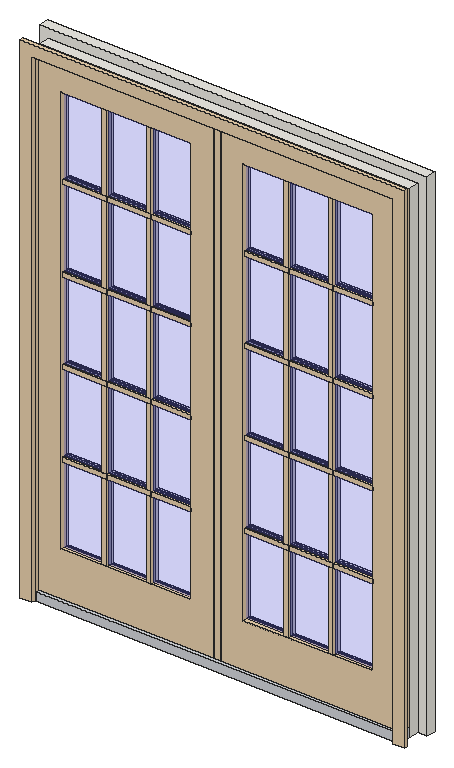
Revit family "Door-Inswing-Andersen-A_Series-Double 2", category Doors, host Wall, Revit 2013 (continued)
Dimensions and locks (in)
  aligned and locked: plane 4 "L Frame" to Masking region 4 sketch curve
  aligned and locked: plane 24 "L Casing 1" to Masking region 4 sketch curve
  aligned and locked: plane 11 "Casing S2" to Masking region 4 sketch curve
  aligned and locked: plane 22 "L Casing 3" to Masking region 4 sketch curve
  aligned and locked: Masking region 5 sketch curve to plane 12 "Casing S1"
  aligned and locked: Masking region 5 sketch curve to plane 18 "R Casing 4"
  aligned and locked: plane 10 "Flange" to Masking region 5 sketch curve
  aligned and locked: plane 3 "R Frame" to Masking region 5 sketch curve
  aligned and locked: Masking region 6 sketch curve to plane 12 "Casing S1"
  aligned and locked: Masking region 6 sketch curve to plane 4 "L Frame"
  aligned and locked: plane 10 "Flange" to Masking region 6 sketch curve
  aligned and locked: plane 21 "L Casing 4" to Masking region 6 sketch curve
  aligned and locked: curve 4 to plane 5 "T Frame"
  aligned and locked: level to Extrusion 5 sketch curve  (x2)
  aligned and locked: Extrusion 5 sketch curve to plane 32 "R Int Casing"
  aligned and locked: plane 38 "T Int Casing" to Extrusion 5 sketch curve
  aligned and locked: plane 35 "L Int Casing" to Extrusion 5 sketch curve
  aligned and locked: Extrusion 5 to host wall
  aligned and locked: Extrusion 5 to plane 8 "Interior Casing"
  aligned and locked: level to Extrusion 6 sketch curve  (x2)
  aligned and locked: Extrusion 6 sketch curve to plane 33 "R Xjamb 2"
  aligned and locked: plane 39 "T Xjamb 2" to Extrusion 6 sketch curve
  aligned and locked: plane 36 "L Xjamb 2" to Extrusion 6 sketch curve
  aligned and locked: plane 51 "Xjamb S1" to Extrusion 6
  aligned and locked: host wall to Extrusion 6
  aligned and locked: plane 10 "Flange" to Masking region 3 sketch curve
  aligned and locked: Masking region 4 sketch curve to plane 10 "Flange"
  aligned and locked: Masking region 7 sketch curve to plane 18 "R Casing 4"
  aligned and locked: plane 21 "L Casing 4" to Masking region 7 sketch curve
  aligned and locked: level to Masking region 7 sketch curve  (x2)
  aligned and locked: level to Masking region 8 sketch curve  (x2)
  aligned and locked: plane 35 "L Int Casing" to Masking region 8 sketch curve
  aligned and locked: Masking region 8 sketch curve to plane 32 "R Int Casing"
  aligned and locked: plane 38 "T Int Casing" to Masking region 8 sketch curve
  aligned and locked: plane 30 "T Casing 4" to Masking region 7 sketch curve
  aligned and locked: level to Masking region 9 sketch curve
  aligned and locked: Masking region 9 sketch curve to plane 3 "R Frame"
  aligned and locked: plane 5 "T Frame" to Masking region 9 sketch curve
  aligned and locked: plane 4 "L Frame" to Masking region 9 sketch curve
  aligned and locked: plane 4 "L Frame" to curve 5
  aligned and locked: plane 5 "T Frame" to curve 6
  aligned and locked: plane 10 "Flange" to curve 6
  aligned and locked: curve 7 to plane 58 "Glass1 S3"
  aligned and locked: curve 8 to plane 59 "Glass1 S2"
  aligned and locked: plane 45 "B Glazing" to curve 8
  aligned and locked: plane 45 "B Glazing" to curve 7
  aligned and locked: plane 46 "T Glazing" to curve 7
  aligned and locked: plane 46 "T Glazing" to curve 8
  aligned and locked: plane 46 "T Glazing" to curve 9
  aligned and locked: plane 46 "T Glazing" to curve 10
  aligned and locked: plane 45 "B Glazing" to curve 9
  aligned and locked: plane 45 "B Glazing" to curve 10
  aligned and locked: curve 9 to plane 60 "Glass1 S4"
  aligned and locked: curve 10 to plane 57 "Glass1 S1"
  aligned and locked: plane 59 "Glass1 S2" to curve 11
  aligned and locked: plane 47 "Left L Glazing" to curve 11
  aligned and locked: plane 58 "Glass1 S3" to curve 12
  aligned and locked: plane 57 "Glass1 S1" to curve 13
  aligned and locked: plane 48 "Left R Glazing" to curve 13
  aligned and locked: plane 60 "Glass1 S4" to curve 14
  aligned and locked: plane 47 "Left L Glazing" to curve 13
  aligned and locked: Masking region 10 sketch curve to plane 42 "Left R Panel"
  aligned and locked: Masking region 10 sketch curve to plane 44 "B Panel"
  aligned and locked: plane 41 "Left L Panel" to Masking region 10 sketch curve
  aligned and locked: plane 43 "T Panel" to Masking region 10 sketch curve
  aligned and locked: curve 18 to plane 48 "Left R Glazing"
  aligned and locked: curve 17 to plane 45 "B Glazing"
  aligned and locked: plane 46 "T Glazing" to curve 15
  aligned and locked: plane 47 "Left L Glazing" to curve 16
  aligned and locked: plane 62 "L Xjamb 1" to Extrusion 6 sketch curve
  aligned and locked: Extrusion 6 sketch curve to plane 63 "R Xjamb S1"
  aligned and locked: plane 64 "T Xjamb S1" to Extrusion 6 sketch curve
  aligned and locked: Extrusion 5 sketch curve to plane 63 "R Xjamb S1"
  aligned and locked: plane 64 "T Xjamb S1" to Extrusion 5 sketch curve
  aligned and locked: plane 62 "L Xjamb 1" to Extrusion 5 sketch curve
  aligned and locked: Masking region 11 sketch curve to plane 32 "R Int Casing"
  aligned and locked: host wall to Masking region 11 sketch curve
  aligned and locked: plane 63 "R Xjamb S1" to Masking region 11 sketch curve
  aligned and locked: plane 8 "Interior Casing" to Masking region 11 sketch curve
  aligned and locked: Masking region 12 sketch curve to plane 51 "Xjamb S1"
  aligned and locked: plane 63 "R Xjamb S1" to Masking region 12 sketch curve
  aligned and locked: Masking region 12 sketch curve to host wall
  aligned and locked: Masking region 12 sketch curve to plane 33 "R Xjamb 2"
  aligned and locked: host wall to Masking region 13 sketch curve
  aligned and locked: plane 35 "L Int Casing" to Masking region 13 sketch curve
  aligned and locked: plane 8 "Interior Casing" to Masking region 13 sketch curve
  aligned and locked: Masking region 13 sketch curve to plane 62 "L Xjamb 1"
  aligned and locked: Masking region 14 sketch curve to plane 51 "Xjamb S1"
  aligned and locked: plane 36 "L Xjamb 2" to Masking region 14 sketch curve
  aligned and locked: Masking region 14 sketch curve to host wall
  aligned and locked: Masking region 14 sketch curve to plane 62 "L Xjamb 1"
  aligned and locked: Masking region 15 sketch curve to plane 51 "Xjamb S1"
  aligned and locked: plane 39 "T Xjamb 2" to Masking region 15 sketch curve
  aligned and locked: Masking region 15 sketch curve to host wall
  aligned and locked: level to Masking region 15 sketch curve
  aligned and locked: host wall to Masking region 16 sketch curve
  aligned and locked: plane 38 "T Int Casing" to Masking region 16 sketch curve
  aligned and locked: plane 8 "Interior Casing" to Masking region 16 sketch curve
  aligned and locked: level to Masking region 16 sketch curve
  aligned and locked: plane 51 "Xjamb S1" to curve 19
  aligned and locked: plane 8 "Interior Casing" to curve 20
  aligned and locked: host wall to curve 20
  aligned and locked: plane 64 "T Xjamb S1" to curve 19
  aligned and locked: plane 64 "T Xjamb S1" to curve 20
  aligned and locked: plane 10 "Flange" to curve 5
  aligned and locked: plane 4 "L Frame" to Masking region 7 sketch curve
  aligned and locked: plane 5 "T Frame" to Masking region 7 sketch curve
  aligned and locked: Masking region 7 sketch curve to plane 3 "R Frame"
  aligned and locked: plane 2 "Center (Left/Right)" to Sweep 7 sketch curve
  aligned and locked: plane 61 "Vert Bar length" to Sweep 7 sketch curve
  aligned and locked: level to Sweep 7 sketch curve
  aligned and locked: plane 5 "T Frame" to curve 21
  aligned and locked: plane 10 "Flange" to curve 21
  aligned and locked: plane 3 "R Frame" to curve 35
  aligned and locked: curve 35 to plane 10 "Flange"
  aligned and locked: plane 4 "L Frame" to curve 43
  aligned and locked: plane 10 "Flange" to curve 43
  aligned and locked: Masking region 17 sketch curve to plane 52 "Frame S1"
  aligned and locked: Masking region 17 sketch curve to plane 3 "R Frame"
  aligned and locked: plane 9 "Frame S2" to Masking region 17 sketch curve
  aligned and locked: plane 4 "L Frame" to Masking region 17 sketch curve
  aligned and locked: plane 54 "R Stop" to curve 49
  aligned and locked: plane 9 "Frame S2" to curve 50
  aligned and locked: plane 65 "R Int Frame" to curve 50
  aligned and locked: plane 53 "L Stop" to curve 54
  aligned and locked: plane 9 "Frame S2" to curve 55
  aligned and locked: level to curve 59
  aligned and locked: level to curve 57
  aligned and locked: plane 4 "L Frame" to curve 57
  aligned and locked: plane 5 "T Frame" to curve 58
  aligned and locked: curve 59 to plane 3 "R Frame"
  aligned and locked: plane 46 "T Glazing" to Extrusion 10 sketch curve
  aligned and locked: Extrusion 10 sketch curve to plane 48 "Left R Glazing"
  aligned and locked: plane 47 "Left L Glazing" to Extrusion 10 sketch curve
  aligned and locked: Extrusion 10 sketch curve to plane 45 "B Glazing"
  aligned and locked: plane 41 "Left L Panel" to Extrusion 10 sketch curve
  aligned and locked: plane 43 "T Panel" to Extrusion 10 sketch curve
  aligned and locked: Extrusion 10 sketch curve to plane 42 "Left R Panel"
  aligned and locked: Extrusion 10 sketch curve to plane 44 "B Panel"
  aligned and locked: plane 49 "Panel1 S1" to Extrusion 10
  aligned and locked: Extrusion 10 to plane 57 "Glass1 S1"
  aligned and locked: plane 47 "Left L Glazing" to Extrusion 11 sketch curve
  aligned and locked: plane 46 "T Glazing" to Extrusion 11 sketch curve
  aligned and locked: Extrusion 11 sketch curve to plane 48 "Left R Glazing"
  aligned and locked: plane 41 "Left L Panel" to Extrusion 11 sketch curve
  aligned and locked: plane 43 "T Panel" to Extrusion 11 sketch curve
  aligned and locked: Extrusion 11 sketch curve to plane 42 "Left R Panel"
  aligned and locked: Extrusion 11 sketch curve to plane 44 "B Panel"
  aligned and locked: plane 57 "Glass1 S1" to Extrusion 11
  aligned and locked: Extrusion 11 to plane 50 "Panel1 S2"
  aligned and locked: plane 46 "T Glazing" to Extrusion 12 sketch curve
  aligned and locked: plane 47 "Left L Glazing" to Extrusion 12 sketch curve
  aligned and locked: Extrusion 12 sketch curve to plane 48 "Left R Glazing"
  aligned and locked: Extrusion 12 to plane 60 "Glass1 S4"
  aligned and locked: plane 57 "Glass1 S1" to Extrusion 12
  aligned and locked: Extrusion 13 to plane 4 "L Frame"
  aligned and locked: plane 3 "R Frame" to Extrusion 13
  aligned and locked: plane 70 "B Ext Frame" to Extrusion 14 sketch curve
  aligned and locked: Extrusion 14 sketch curve to plane 72 "Sill S1"
  aligned and locked: level to Extrusion 14 sketch curve
  aligned and locked: Extrusion 14 to plane 4 "L Frame"
  aligned and locked: plane 3 "R Frame" to Extrusion 14
  aligned and locked: Extrusion 15 sketch curve to level
  aligned and locked: Extrusion 15 sketch curve to plane 9 "Frame S2"
  aligned and locked: Extrusion 15 sketch curve to plane 56 "Sill Height"
  aligned and locked: Extrusion 15 to plane 4 "L Frame"
  aligned and locked: plane 3 "R Frame" to Extrusion 15
  aligned and locked: Sweep 7 sketch curve to plane 52 "Frame S1"
  aligned and locked: plane 4 "L Frame" to Sweep 7 sketch curve
  aligned and locked: Sweep 7 sketch curve to plane 37 "L Ext Frame"
  aligned and locked: plane 52 "Frame S1" to Sweep 7 sketch curve
  aligned and locked: Sweep 7 sketch curve to plane 34 "R Ext Frame"
  aligned and locked: plane 3 "R Frame" to Sweep 7 sketch curve
  aligned and locked: curve 67 to plane 50 "Panel1 S2"
  aligned and locked: curve 66 to plane 49 "Panel1 S1"
  aligned and locked: plane 52 "Frame S1" to curve 68
  aligned and locked: plane 9 "Frame S2" to curve 68
  aligned and locked: plane 52 "Frame S1" to curve 69
  aligned and locked: plane 9 "Frame S2" to curve 69
  aligned and locked: plane 71 "B Stop" to curve 70
  aligned and locked: plane 55 "T Stop" to curve 70
  aligned and locked: plane 49 "Panel1 S1" to curve 70
  aligned and locked: plane 50 "Panel1 S2" to curve 71
  aligned and locked: plane 72 "Sill S1" to Masking region 2 sketch curve
  aligned and locked: Masking region 2 sketch curve to plane 70 "B Ext Frame"
  aligned and locked: plane 63 "R Xjamb S1" to Masking region 8 sketch curve
  aligned and locked: Masking region 8 sketch curve to plane 64 "T Xjamb S1"
  aligned and locked: Masking region 8 sketch curve to plane 62 "L Xjamb 1"
  aligned and locked: plane 55 "T Stop" to Extrusion 16 sketch curve
  aligned and locked: Extrusion 16 sketch curve to plane 54 "R Stop"
  aligned and locked: plane 53 "L Stop" to Extrusion 16 sketch curve
  aligned and locked: Extrusion 16 sketch curve to plane 3 "R Frame"
  aligned and locked: plane 5 "T Frame" to Extrusion 16 sketch curve
  aligned and locked: plane 4 "L Frame" to Extrusion 16 sketch curve
  aligned and locked: Extrusion 16 to plane 49 "Panel1 S1"
  aligned and locked: plane 52 "Frame S1" to Extrusion 16
  aligned and locked: plane 73 "Handing" to curve 72
  aligned and locked: plane 41 "Left L Panel" to curve 72
  aligned and locked: plane 42 "Left R Panel" to curve 72
  aligned and locked: plane 43 "T Panel" to curve 72
  aligned and locked: plane 42 "Left R Panel" to curve 73
  aligned and locked: plane 44 "B Panel" to curve 73
  aligned and locked: nested 1 to plane 46 "T Glazing"
  aligned and locked: nested 2 to plane 46 "T Glazing"
  aligned and locked: nested 5 to plane 47 "Left L Glazing"
  aligned and locked: nested 6 to plane 47 "Left L Glazing"
  aligned and locked: nested 3 to plane 47 "Left L Glazing"
  aligned and locked: nested 4 to plane 47 "Left L Glazing"
  aligned and locked: plane 65 "R Int Frame" to curve 67
  aligned and locked: plane 74 "R Ext Frame 2" to curve 47
  aligned and locked: plane 76 "L Ext Frame 2" to curve 52
  aligned and locked: plane 65 "R Int Frame" to curve 68
  aligned and locked: plane 66 "L Int Frame" to curve 69
  aligned and locked: plane 50 "Panel1 S2" to curve 77
  aligned and locked: plane 41 "Left L Panel" to curve 77
  aligned and locked: plane 57 "Glass1 S1" to Extrusion 15 sketch curve
  aligned and locked: Extrusion 16 sketch curve to plane 44 "B Panel"  (x2)
  aligned and locked: plane 52 "Frame S1" to Extrusion 13 sketch curve
  aligned and locked: Extrusion 13 sketch curve to plane 44 "B Panel"
  aligned and locked: Extrusion 13 sketch curve to level
  aligned and locked: Extrusion 13 sketch curve to plane 57 "Glass1 S1"
  aligned and locked: Sweep 7 sketch curve to plane 49 "Panel1 S1"
  aligned and locked: Sweep 7 sketch curve to plane 67 "Frame S1.1"
  aligned and locked: plane 74 "R Ext Frame 2" to Sweep 7 sketch curve
  aligned and locked: Sweep 7 sketch curve to plane 75 "Stop S1"
  aligned and locked: plane 54 "R Stop" to Sweep 7 sketch curve
  aligned and locked: plane 67 "Frame S1.1" to Sweep 7 sketch curve
  aligned and locked: plane 76 "L Ext Frame 2" to Sweep 7 sketch curve
  aligned and locked: plane 75 "Stop S1" to Sweep 7 sketch curve
  aligned and locked: plane 53 "L Stop" to Sweep 7 sketch curve
  aligned and locked: plane 49 "Panel1 S1" to Sweep 7 sketch curve
  aligned and locked: Extrusion 14 sketch curve to plane 67 "Frame S1.1"
  aligned and locked: plane 56 "Sill Height" to Extrusion 14 sketch curve
  aligned and locked: plane 57 "Glass1 S1" to Extrusion 14 sketch curve
  aligned and locked: Extrusion 14 sketch curve to plane 49 "Panel1 S1"
  aligned and locked: plane 44 "B Panel" to Extrusion 14 sketch curve
  aligned and locked: plane 52 "Frame S1" to curve 47
  aligned and locked: plane 52 "Frame S1" to curve 52
  aligned and locked: plane 44 "B Panel" to Masking region 9 sketch curve
  aligned and locked: plane 45 "B Glazing" to Extrusion 11 sketch curve
  aligned and locked: plane 78 "Left Center of Panel" to nested 1
  aligned and locked: plane 46 "T Glazing" to Extrusion 17 sketch curve
  aligned and locked: plane 46 "T Glazing" to Extrusion 18 sketch curve
  aligned and locked: plane 46 "T Glazing" to Extrusion 19 sketch curve
  aligned and locked: nested 7 to plane 46 "T Glazing"
  aligned and locked: nested 8 to plane 46 "T Glazing"
  aligned and locked: Extrusion 17 to plane 82 "Right L Panel"
  aligned and locked: Extrusion 18 to plane 82 "Right L Panel"
  aligned and locked: Masking region 18 to plane 82 "Right L Panel"
  aligned and locked: plane 81 "Right L Glazing" to Extrusion 17
  aligned and locked: Extrusion 19 to plane 81 "Right L Glazing"
  aligned and locked: plane 81 "Right L Glazing" to Extrusion 18
  aligned and locked: nested 11 to plane 81 "Right L Glazing"
  aligned and locked: nested 10 to plane 81 "Right L Glazing"
  aligned and locked: nested 9 to plane 81 "Right L Glazing"
  aligned and locked: Extrusion 17 to plane 80 "Right R Glasing"
  aligned and locked: plane 80 "Right R Glasing" to Extrusion 19
  aligned and locked: Extrusion 18 to plane 80 "Right R Glasing"
  aligned and locked: plane 79 "Right R Panel" to Extrusion 17
  aligned and locked: plane 79 "Right R Panel" to Extrusion 18
  aligned and locked: plane 79 "Right R Panel" to Masking region 18
  aligned and locked: plane 81 "Right L Glazing" to curve 100
  aligned and locked: curve 102 to plane 80 "Right R Glasing"
  aligned and locked: plane 83 "Right Center of Panel" to nested 7
  aligned and locked: plane 82 "Right L Panel" to curve 104
  aligned and locked: plane 44 "B Panel" to curve 104
  aligned and locked: plane 79 "Right R Panel" to curve 104
  aligned and locked: plane 82 "Right L Panel" to curve 103
  aligned and locked: plane 43 "T Panel" to curve 103
  aligned and locked: plane 73 "Handing" to curve 103
  aligned and locked: plane 79 "Right R Panel" to curve 105
  aligned and locked: plane 82 "Right L Panel" to curve 67
  aligned and locked: plane 42 "Left R Panel" to curve 117
  aligned and locked: curve 117 to plane 49 "Panel1 S1"
  aligned and locked: curve 118 to plane 50 "Panel1 S2"
  aligned and locked: plane 80 "Right R Glasing" to curve 122
  aligned and locked: plane 81 "Right L Glazing" to curve 124
  aligned and locked: plane 57 "Glass1 S1" to curve 124
  aligned and locked: plane 59 "Glass1 S2" to curve 122
  aligned and locked: plane 58 "Glass1 S3" to curve 123
  aligned and locked: plane 60 "Glass1 S4" to curve 125
  aligned and locked: plane 66 "L Int Frame" to curve 118
  aligned and locked: plane 66 "L Int Frame" to curve 117
  aligned and locked: plane 80 "Right R Glasing" to curve 126
  aligned and locked: plane 53 "L Stop" to Masking region 9 sketch curve
  aligned and locked: plane 55 "T Stop" to Masking region 9 sketch curve  (x2)
  aligned and locked: plane 49 "Panel1 S1" to curve 121
  aligned and locked: plane 82 "Right L Panel" to Extrusion 20 sketch curve
  aligned and locked: plane 42 "Left R Panel" to Extrusion 20 sketch curve
  aligned and locked: plane 44 "B Panel" to Extrusion 20
  aligned and locked: Extrusion 20 to plane 55 "T Stop"
  aligned and locked: Extrusion 20 sketch curve to plane 84 "R Astragal"
  aligned and locked: plane 85 "L Astragal" to Extrusion 20 sketch curve
  aligned and locked: Masking region 9 sketch curve to plane 85 "L Astragal"
  aligned and locked: plane 84 "R Astragal" to Masking region 9 sketch curve
  aligned and locked: Masking region 9 sketch curve to plane 54 "R Stop"
  aligned and locked: Masking region 9 sketch curve to plane 44 "B Panel"
  aligned and locked: Extrusion 21 sketch curve to plane 82 "Right L Panel"
  aligned and locked: plane 42 "Left R Panel" to Extrusion 21 sketch curve
  aligned and locked: Extrusion 21 sketch curve to plane 49 "Panel1 S1"
  aligned and locked: plane 50 "Panel1 S2" to Extrusion 21 sketch curve
  aligned and locked: plane 44 "B Panel" to Extrusion 21
  aligned and locked: plane 85 "L Astragal" to curve 164
  aligned and locked: plane 84 "R Astragal" to curve 164
  aligned and locked: plane 85 "L Astragal" to curve 165
  aligned and locked: plane 84 "R Astragal" to curve 165
  aligned and locked: plane 55 "T Stop" to curve 164
  aligned and locked: plane 44 "B Panel" to curve 165
  aligned and locked: Extrusion 21 to plane 43 "T Panel"
  aligned and locked: plane 66 "L Int Frame" to Sweep 9 sketch curve
  aligned and locked: Sweep 9 sketch curve to plane 9 "Frame S2"
  aligned and locked: Sweep 9 sketch curve to plane 4 "L Frame"
  aligned and locked: plane 49 "Panel1 S1" to Sweep 9 sketch curve
  aligned and locked: nested 12 to plane 46 "T Glazing"
  aligned and locked: nested 13 to plane 46 "T Glazing"
  aligned and locked: plane 69 "T Int Frame" to curve 71
  aligned and locked: plane 56 "Sill Height" to curve 71
  aligned and locked: plane 11 "Casing S2" to curve 2
  aligned and locked: plane 12 "Casing S1" to curve 4
  aligned and locked: nested 14 to plane 81 "Right L Glazing"
  aligned and locked: Extrusion 12 sketch curve to plane 45 "B Glazing"
  aligned and locked: Extrusion 19 sketch curve to plane 45 "B Glazing"
  aligned and locked: Extrusion 18 to plane 50 "Panel1 S2"
  aligned and locked: Extrusion 19 to plane 60 "Glass1 S4"
  aligned and locked: plane 57 "Glass1 S1" to Extrusion 19
  aligned and locked: plane 57 "Glass1 S1" to Extrusion 18
  aligned and locked: Extrusion 17 to plane 57 "Glass1 S1"
  aligned and locked: plane 49 "Panel1 S1" to Extrusion 17
  aligned and locked: plane 9 "Frame S2" to curve 170
  aligned and locked: curve 170 to plane 65 "R Int Frame"
  aligned and locked: plane 9 "Frame S2" to curve 196
  aligned and locked: curve 196 to plane 66 "L Int Frame"
  aligned and locked: Sweep 8 sketch curve to plane 4 "L Frame"
  aligned and locked: plane 52 "Frame S1" to Sweep 8 sketch curve
  aligned and locked: Sweep 8 sketch curve to plane 67 "Frame S1.1"
  aligned and locked: plane 76 "L Ext Frame 2" to Sweep 8 sketch curve
  aligned and locked: Sweep 8 sketch curve to plane 49 "Panel1 S1"
  aligned and locked: plane 53 "L Stop" to Sweep 8 sketch curve
  aligned and locked: plane 75 "Stop S1" to Sweep 8 sketch curve
  aligned and locked: plane 9 "Frame S2" to curve 208
  aligned and locked: curve 208 to plane 69 "T Int Frame"
  aligned and locked: plane 72 "Sill S1" to curve 32
  aligned and locked: level to curve 32
  aligned and locked: curve 236 to plane 9 "Frame S2"
  aligned and locked: level to curve 236
  aligned and locked: plane 67 "Frame S1.1" to curve 266
  aligned and locked: curve 266 to curve 31
  aligned and locked: plane 67 "Frame S1.1" to curve 267
  aligned and locked: plane 67 "Frame S1.1" to curve 268
  aligned and locked: plane 75 "Stop S1" to curve 267
  aligned and locked: plane 75 "Stop S1" to curve 268
  aligned and locked: plane 74 "R Ext Frame 2" to curve 267
  aligned and locked: plane 76 "L Ext Frame 2" to curve 268
  aligned and locked: plane 67 "Frame S1.1" to curve 269
  aligned and locked: plane 75 "Stop S1" to curve 269
  aligned and locked: plane 77 "T Ext Frame 2" to curve 269
  aligned and locked: plane 46 "T Glazing" to curve 99
  aligned and locked: curve 101 to plane 45 "B Glazing"
Automatic sketch dimensions
  curve 74 to curve 37 = 0' - 0 1/2"
  curve 37 to curve 37 = 0' - 0.266"
  curve 38 to curve 35 = 0' - 0 3/4"
  curve 35 to curve 35 = 0' - 1.55"
  curve 37 to curve 74 = 0' - 0.881"
  curve 36 to curve 36 = 0' - 0.314"
  curve 36 to curve 35 = 0' - 0.998"
  curve 75 to curve 41 = 0' - 0 1/2"
  curve 41 to curve 41 = 0' - 0.266"
  curve 42 to curve 39 = 0' - 0 3/4"
  curve 39 to curve 39 = 0' - 1.55"
  curve 75 to curve 41 = 0' - 0.881"
  curve 40 to curve 40 = 0' - 0.314"
  curve 39 to curve 40 = 0' - 0.998"
  curve 76 to curve 45 = 0' - 0 1/2"
  curve 45 to curve 45 = 0' - 0.266"
  curve 46 to curve 43 = 0' - 0 3/4"
  curve 43 to curve 43 = 0' - 1.55"
  curve 76 to curve 45 = 0' - 0.881"
  curve 44 to curve 44 = 0' - 0.314"
  curve 43 to curve 44 = 0' - 0.998"
  curve 24 to curve 23 = 0' - 0.881"
  curve 21 to curve 22 = 0' - 0.998"
  curve 22 to curve 22 = 0' - 0.314"
  curve 25 to curve 24 = 0' - 0 1/2"
  curve 23 to curve 22 = 0' - 0.266"
  curve 24 to curve 21 = 0' - 0 3/4"
  curve 21 to curve 21 = 0' - 1 5/8"
  curve 29 to curve 28 = 0' - 0.881"
  curve 26 to curve 27 = 0' - 0.998"
  curve 27 to curve 27 = 0' - 0.314"
  curve 30 to curve 29 = 0' - 0 1/2"
  curve 28 to curve 27 = 0' - 0.266"
  curve 29 to curve 26 = 0' - 0 3/4"
  curve 26 to curve 26 = 0' - 1 5/8"
  curve 32 to curve 32 = 0' - 0.748"
  curve 31 to curve 31 = 0' - 0.0799"
  curve 34 to curve 34 = 0' - 0.748"
  curve 33 to curve 33 = 0' - 0.0799"
  curve 114 to curve 111 = 0' - 0"
  curve 111 to curve 112 = 0' - 0.7655"
  curve 112 to curve 154 = 0' - 2.8595"
  curve 151 to curve 156 = 0' - 0 13/16"
  curve 151 to curve 153 = 0' - 0 13/16"
  curve 119 to curve 121 = 0' - 1 3/8"
  curve 121 to curve 152 = 0' - 0 13/16"
  curve 152 to curve 84 = 0' - 2.8595"
  curve 85 to curve 85 = 0' - 0.7655"
  curve 83 to curve 81 = 0' - 0.7655"
  curve 120 to curve 110 = 0' - 0"  (x2)
  curve 108 to curve 109 = 0' - 0 1/8"
  curve 120 to curve 110 = 0' - 0.12558"
  curve 115 to curve 113 = 0' - 0.359"
  curve 153 to curve 152 = 0' - 0.828"
  curve 153 to curve 155 = 0' - 0.0155"
  curve 84 to curve 86 = 0' - 0.359"
  curve 81 to curve 81 = 0' - 0.12558"
  curve 80 to curve 85 = 0' - 0 1/8"
  curve 80 to curve 78 = 0' - 0 1/8"
  curve 119 to curve 116 = 0' - 0.47824"
  curve 121 to curve 86 = 0' - 0.47824"
  curve 86 to curve 85 = 0' - 0.06176"
  curve 115 to curve 116 = 0' - 0.06176"
  curve 85 to curve 83 = 0' - 0.76609"
  curve 114 to curve 111 = 0' - 0.76609"
  curve 111 to curve 110 = 0' - 0.04311"
  curve 82 to curve 82 = 0' - 0.04311"
  curve 121 to curve 155 = 0' - 2.719"
  curve 119 to curve 151 = 0' - 2.719"
  curve 151 to curve 153 = 0' - 0 1/2"
  curve 84 to curve 85 = 0' - 0.54"
  curve 120 to curve 115 = 0' - 0.47824"
  curve 51 to curve 86 = 0' - 0.47824"
  curve 120 to curve 115 = 0' - 0"
  curve 115 to curve 113 = 0' - 0"
  curve 84 to curve 86 = 0' - 0"
  curve 85 to curve 80 = 0' - 0 1/8"
  curve 114 to curve 107 = 0' - 0 1/8"
  curve 108 to curve 112 = 0' - 0 1/8"
  curve 79 to curve 83 = 0' - 0 1/8"
  curve 152 to curve 152 = 0' - 1"
  curve 151 to curve 151 = 0' - 1"
  curve 110 to curve 110 = 0' - 0.3698"
  curve 121 to curve 152 = 0' - 0"
  curve 151 to curve 119 = 0' - 0"
  curve 81 to curve 81 = 0' - 0.3698"
  curve 81 to curve 51 = 0' - 0"
  curve 153 to curve 155 = 0' - 0"
  curve 145 to curve 142 = 0' - 0"
  curve 142 to curve 143 = 0' - 0.7655"
  curve 143 to curve 160 = 0' - 2.8595"
  curve 157 to curve 162 = 0' - 0 13/16"
  curve 157 to curve 159 = 0' - 0 13/16"
  curve 148 to curve 150 = 0' - 1 3/8"
  curve 150 to curve 158 = 0' - 0 13/16"
  curve 158 to curve 134 = 0' - 2.8595"
  curve 135 to curve 135 = 0' - 0.7655"
  curve 133 to curve 131 = 0' - 0.7655"
  curve 149 to curve 141 = 0' - 0"  (x2)
  curve 139 to curve 140 = 0' - 0 1/8"
  curve 149 to curve 141 = 0' - 0.12558"
  curve 146 to curve 144 = 0' - 0.359"
  curve 159 to curve 158 = 0' - 0.828"
  curve 159 to curve 161 = 0' - 0.0155"
  curve 134 to curve 136 = 0' - 0.359"
  curve 131 to curve 131 = 0' - 0.12558"
  curve 130 to curve 135 = 0' - 0 1/8"
  curve 130 to curve 128 = 0' - 0 1/8"
  curve 148 to curve 147 = 0' - 0.47824"
  curve 150 to curve 136 = 0' - 0.47824"
  curve 136 to curve 135 = 0' - 0.06176"
  curve 146 to curve 147 = 0' - 0.06176"
  curve 135 to curve 133 = 0' - 0.76609"
  curve 145 to curve 142 = 0' - 0.76609"
  curve 142 to curve 141 = 0' - 0.04311"
  curve 132 to curve 132 = 0' - 0.04311"
  curve 150 to curve 161 = 0' - 2.719"
  curve 148 to curve 157 = 0' - 2.719"
  curve 157 to curve 159 = 0' - 0 1/2"
  curve 134 to curve 135 = 0' - 0.54"
  curve 149 to curve 146 = 0' - 0.47824"
  curve 127 to curve 136 = 0' - 0.47824"
  curve 149 to curve 146 = 0' - 0"
  curve 146 to curve 144 = 0' - 0"
  curve 134 to curve 136 = 0' - 0"
  curve 135 to curve 130 = 0' - 0 1/8"
  curve 145 to curve 138 = 0' - 0 1/8"
  curve 139 to curve 143 = 0' - 0 1/8"
  curve 129 to curve 133 = 0' - 0 1/8"
  curve 158 to curve 158 = 0' - 1"
  curve 157 to curve 157 = 0' - 1"
  curve 141 to curve 141 = 0' - 0.3698"
  curve 150 to curve 158 = 0' - 0"
  curve 157 to curve 148 = 0' - 0"
  curve 131 to curve 131 = 0' - 0.3698"
  curve 131 to curve 127 = 0' - 0"
  curve 159 to curve 161 = 0' - 0"
  curve 31 to curve 31 = 0' - 1.52463"
  curve 33 to curve 33 = 0' - 1.52463"
  curve 236 to curve 248 = 0' - 0.92837"
  curve 247 to curve 247 = 0' - 0.08"
  curve 246 to curve 244 = 0' - 0.76609"
  curve 236 to curve 237 = 0' - 1.782"
  curve 243 to curve 242 = 0' - 0.08875"
  curve 239 to curve 239 = 0' - 0.27978"
  curve 248 to curve 247 = 0' - 0.4605"
  curve 245 to curve 248 = 0' - 0"
  curve 246 to curve 234 = 0' - 0.1245"
  curve 233 to curve 243 = 0' - 0.1255"
  curve 242 to curve 242 = 0' - 0.32416"
  curve 239 to curve 241 = 0' - 0.12594"
  curve 237 to curve 240 = 0' - 0.43827"
  curve 237 to curve 240 = 0' - 0.46788"
  curve 239 to curve 238 = 0' - 0.30104"
  curve 238 to curve 245 = 0' - 7.29358"
  curve 246 to curve 247 = 0' - 0 3/4"
  curve 244 to curve 243 = 0' - 0 3/4"
  curve 236 to curve 236 = 0' - 1 11/16"
  curve 240 to curve 237 = 0' - 0.13745"
  curve 245 to curve 248 = 0' - 0.35858"
  curve 233 to curve 246 = 0' - 0 1/8"
  curve 242 to curve 242 = 0' - 0.11008"
  curve 246 to curve 234 = 0' - 0"
  curve 233 to curve 235 = 0' - 0 1/8"
  curve 252 to curve 264 = 0' - 0.92837"
  curve 263 to curve 263 = 0' - 0.08"
  curve 262 to curve 260 = 0' - 0.76609"
  curve 252 to curve 253 = 0' - 1.782"
  curve 259 to curve 258 = 0' - 0.08875"
  curve 255 to curve 255 = 0' - 0.27978"
  curve 264 to curve 263 = 0' - 0.4605"
  curve 261 to curve 264 = 0' - 0"
  curve 262 to curve 250 = 0' - 0.1245"
  curve 249 to curve 259 = 0' - 0.1255"
  curve 258 to curve 258 = 0' - 0.32416"
  curve 255 to curve 257 = 0' - 0.12594"
  curve 253 to curve 256 = 0' - 0.43827"
  curve 253 to curve 256 = 0' - 0.46788"
  curve 255 to curve 254 = 0' - 0.30104"
  curve 254 to curve 261 = 0' - 7.29358"
  curve 262 to curve 263 = 0' - 0 3/4"
  curve 260 to curve 259 = 0' - 0 3/4"
  curve 252 to curve 252 = 0' - 1 11/16"
  curve 256 to curve 253 = 0' - 0.13745"
  curve 261 to curve 264 = 0' - 0.35858"
  curve 249 to curve 262 = 0' - 0 1/8"
  curve 258 to curve 258 = 0' - 0.11008"
  curve 262 to curve 250 = 0' - 0"
  curve 249 to curve 251 = 0' - 0 1/8"
  Masking region 1 sketch curve to plane 52 "Frame S1" = 0' - 0"
  Masking region 2 sketch curve to plane 52 "Frame S1" = 0' - 0"
  Masking region 3 sketch curve to plane 52 "Frame S1" = 0' - 0"
  Masking region 4 sketch curve to plane 52 "Frame S1" = 0' - 0"
  profile plane to Sweep 8 sketch curve = 0' - 0 3/4"
  Masking region 18 sketch curve to plane 44 "B Panel" = 0' - 0"
  plane 82 "Right L Panel" to Masking region 18 sketch curve = 0' - 0"
  plane 79 "Right R Panel" to Masking region 18 sketch curve = 0' - 0"
  Masking region 18 sketch curve to plane 43 "T Panel" = 0' - 0"
  Extrusion 17 sketch curve to plane 44 "B Panel" = 0' - 0"
  plane 82 "Right L Panel" to Extrusion 17 sketch curve = 0' - 0"
  plane 81 "Right L Glazing" to Extrusion 17 sketch curve = 0' - 0"
  plane 80 "Right R Glasing" to Extrusion 17 sketch curve = 0' - 0"
  Extrusion 17 sketch curve to plane 43 "T Panel" = 0' - 0"
  plane 79 "Right R Panel" to Extrusion 17 sketch curve = 0' - 0"
  Extrusion 17 sketch curve to plane 45 "B Glazing" = 0' - 0"
  Extrusion 18 sketch curve to plane 44 "B Panel" = 0' - 0"
  plane 82 "Right L Panel" to Extrusion 18 sketch curve = 0' - 0"
  plane 81 "Right L Glazing" to Extrusion 18 sketch curve = 0' - 0"
  plane 80 "Right R Glasing" to Extrusion 18 sketch curve = 0' - 0"
  Extrusion 18 sketch curve to plane 43 "T Panel" = 0' - 0"
  plane 79 "Right R Panel" to Extrusion 18 sketch curve = 0' - 0"
  Extrusion 18 sketch curve to plane 45 "B Glazing" = 0' - 0"
  plane 81 "Right L Glazing" to Extrusion 19 sketch curve = 0' - 0"
  plane 80 "Right R Glasing" to Extrusion 19 sketch curve = 0' - 0"
  Extrusion 20 sketch curve to plane 49 "Panel1 S1" = 0' - 0"
  plane 75 "Stop S1" to Extrusion 20 sketch curve = 0' - 0.34412"  (x2)
  curve 3 to plane 52 "Frame S1" = 0' - 0"
  curve 4 to plane 52 "Frame S1" = 0' - 0"
  plane 26 "T Rough Opening" to curve 6 = 0' - 0.15975"
  curve 118 to plane 42 "Left R Panel" = 0' - 0"
  curve 122 to plane 81 "Right L Glazing" = 0' - 0"
  curve 123 to plane 81 "Right L Glazing" = 0' - 0"
  curve 125 to plane 81 "Right L Glazing" = 0' - 0"
  curve 66 to plane 82 "Right L Panel" = 0' - 0"
  curve 14 to plane 48 "Left R Glazing" = 0' - 0"
  curve 12 to plane 48 "Left R Glazing" = 0' - 0"
  curve 11 to plane 48 "Left R Glazing" = 0' - 0"
  curve 5 to plane 35 "L Int Casing" = 0' - 0.12495"
Nested families (in)
  nested 1: "Andersen Grille Bar" at (17.75005, -2.22528, 50.4375) x (-1, 0, 0) z (0, 1, 0), Bar Width <- "Grille Bar Size", Bar Length <- "TS V Bar Length", visible <- "TS S V", type "Andersen Grille Bar"
    with Glass / 2 0' - 0 7/32", Glass 0' - 0 13/16", Center Line Length 6' - 7 7/8", Center Line 2, Bar Width 0' - 0 7/8", Bar Length 6' - 7 7/8"
  nested 2: "Andersen Grille Bar" at (22.10423, -2.22528, 50.4375) x (-1, 0, 0) z (0, 1, 0), Bar Width <- "Grille Bar Size", Bar Length <- "TS V Bar Length", visible <- "TS M V", type "Andersen Grille Bar"
    with Glass / 2 0' - 0 7/32", Glass 0' - 0 13/16", Center Line Length 6' - 7 7/8", Center Line 2, Bar Width 0' - 0 7/8", Bar Length 6' - 7 7/8"
  nested 3: "Andersen Grille Bar" at (17.75005, -2.22528, 50.4375) x (0, 0, 1) z (0, 1, 0), Bar Width <- "Grille Bar Size", visible <- "TS S H Craftsman", Bar Length <- "H DLO", type "Andersen Grille Bar"
    with Glass / 2 0' - 0 1/8", Glass 0' - 0 5/8", Center Line Length 2' - 1.2501", Center Line 2, Bar Width 0' - 0 7/8", Bar Length 2' - 1.2501"
  nested 4: "Andersen Grille Bar" at (17.75005, -2.22528, 50.4375) x (0, 0, 1) z (0, 1, 0), Bar Width <- "Grille Bar Size", visible <- "TS S H", Bar Length <- "H DLO", type "Andersen Grille Bar"
    with Glass / 2 0' - 0 7/32", Glass 0' - 0 13/16", Center Line Length 2' - 1.2501", Center Line 2, Bar Width 0' - 0 7/8", Bar Length 2' - 1.2501"
  nested 5: "Andersen Grille Bar" at (17.75005, -2.22528, 74.6625) x (0, 0, 1) z (0, 1, 0), Bar Width <- "Grille Bar Size", visible <- "TS M H", Bar Length <- "H DLO", type "Andersen Grille Bar"
    with Glass / 2 0' - 0 7/32", Glass 0' - 0 13/16", Center Line Length 2' - 1.2501", Center Line 2, Bar Width 0' - 0 7/8", Bar Length 2' - 1.2501"
  nested 6: "Andersen Grille Bar" at (17.75005, -2.22528, 26.2125) x (0, 0, 1) z (0, 1, 0), Bar Width <- "Grille Bar Size", visible <- "TS M H", Bar Length <- "H DLO", type "Andersen Grille Bar"
    with Glass / 2 0' - 0 7/32", Glass 0' - 0 13/16", Center Line Length 2' - 1.2501", Center Line 2, Bar Width 0' - 0 7/8", Bar Length 2' - 1.2501"
  nested 7: "Andersen Grille Bar" at (-17.75005, -2.22528, 50.4375) x (-1, 0, 0) z (0, 1, 0), Bar Width <- "Grille Bar Size", Bar Length <- "TS V Bar Length", visible <- "TS S V", type "Andersen Grille Bar"
    with Glass / 2 0' - 0 7/32", Glass 0' - 0 13/16", Center Line Length 6' - 7 7/8", Center Line 2, Bar Width 0' - 0 7/8", Bar Length 6' - 7 7/8"
  nested 8: "Andersen Grille Bar" at (-13.39587, -2.22528, 50.4375) x (-1, 0, 0) z (0, 1, 0), Bar Width <- "Grille Bar Size", Bar Length <- "TS V Bar Length", visible <- "TS M V", type "Andersen Grille Bar"
    with Glass / 2 0' - 0 7/32", Glass 0' - 0 13/16", Center Line Length 6' - 7 7/8", Center Line 2, Bar Width 0' - 0 7/8", Bar Length 6' - 7 7/8"
  nested 9: "Andersen Grille Bar" at (-17.75005, -2.22528, 50.4375) x (0, 0, 1) z (0, 1, 0), Bar Width <- "Grille Bar Size", visible <- "TS S H Craftsman", Bar Length <- "H DLO", type "Andersen Grille Bar"
    with Glass / 2 0' - 0 1/8", Glass 0' - 0 5/8", Center Line Length 2' - 1.2501", Center Line 2, Bar Width 0' - 0 7/8", Bar Length 2' - 1.2501"
  nested 10: "Andersen Grille Bar" at (-17.75005, -2.22528, 50.4375) x (0, 0, 1) z (0, 1, 0), Bar Width <- "Grille Bar Size", visible <- "TS S H", Bar Length <- "H DLO", type "Andersen Grille Bar"
    with Glass / 2 0' - 0 7/32", Glass 0' - 0 13/16", Center Line Length 2' - 1.2501", Center Line 2, Bar Width 0' - 0 7/8", Bar Length 2' - 1.2501"
  nested 11: "Andersen Grille Bar" at (-17.75005, -2.22528, 74.6625) x (0, 0, 1) z (0, 1, 0), Bar Width <- "Grille Bar Size", visible <- "TS M H", Bar Length <- "H DLO", type "Andersen Grille Bar"
    with Glass / 2 0' - 0 7/32", Glass 0' - 0 13/16", Center Line Length 2' - 1.2501", Center Line 2, Bar Width 0' - 0 7/8", Bar Length 2' - 1.2501"
  nested 12: "Andersen Grille Bar" at (13.39587, -2.22528, 50.4375) x (-1, 0, 0) z (0, 1, 0), Bar Width <- "Grille Bar Size", Bar Length <- "TS V Bar Length", visible <- "TS M V", type "Andersen Grille Bar"
    with Glass / 2 0' - 0 7/32", Glass 0' - 0 13/16", Center Line Length 6' - 7 7/8", Center Line 2, Bar Width 0' - 0 7/8", Bar Length 6' - 7 7/8"
  nested 13: "Andersen Grille Bar" at (-22.10423, -2.22528, 50.4375) x (-1, 0, 0) z (0, 1, 0), Bar Width <- "Grille Bar Size", Bar Length <- "TS V Bar Length", visible <- "TS M V", type "Andersen Grille Bar"
    with Glass / 2 0' - 0 7/32", Glass 0' - 0 13/16", Center Line Length 6' - 7 7/8", Center Line 2, Bar Width 0' - 0 7/8", Bar Length 6' - 7 7/8"
  nested 14: "Andersen Grille Bar" at (-17.75005, -2.22528, 26.2125) x (0, 0, 1) z (0, 1, 0), Bar Width <- "Grille Bar Size", visible <- "TS M H", Bar Length <- "H DLO", type "Andersen Grille Bar"
    with Glass / 2 0' - 0 7/32", Glass 0' - 0 13/16", Center Line Length 2' - 1.2501", Center Line 2, Bar Width 0' - 0 7/8", Bar Length 2' - 1.2501"
  nested 15: "Andersen Grille Bar" at (17.75005, -2.22528, 58.5125) x (0, 0, 1) z (0, 1, 0), Bar Width <- "Grille Bar Size", visible <- "TS M H", Bar Length <- "H DLO", type "Andersen Grille Bar"
    with Glass / 2 0' - 0 7/32", Glass 0' - 0 13/16", Center Line Length 2' - 1.2501", Center Line 2, Bar Width 0' - 0 7/8", Bar Length 2' - 1.2501"
  nested 16: "Andersen Grille Bar" at (17.75005, -2.22528, 42.3625) x (0, 0, 1) z (0, 1, 0), Bar Width <- "Grille Bar Size", visible <- "TS M H", Bar Length <- "H DLO", type "Andersen Grille Bar"
    with Glass / 2 0' - 0 7/32", Glass 0' - 0 13/16", Center Line Length 2' - 1.2501", Center Line 2, Bar Width 0' - 0 7/8", Bar Length 2' - 1.2501"
  nested 17: "Andersen Grille Bar" at (-17.75005, -2.22528, 58.5125) x (0, 0, 1) z (0, 1, 0), Bar Width <- "Grille Bar Size", visible <- "TS M H", Bar Length <- "H DLO", type "Andersen Grille Bar"
    with Glass / 2 0' - 0 7/32", Glass 0' - 0 13/16", Center Line Length 2' - 1.2501", Center Line 2, Bar Width 0' - 0 7/8", Bar Length 2' - 1.2501"
  nested 18: "Andersen Grille Bar" at (-17.75005, -2.22528, 42.3625) x (0, 0, 1) z (0, 1, 0), Bar Width <- "Grille Bar Size", visible <- "TS M H", Bar Length <- "H DLO", type "Andersen Grille Bar"
    with Glass / 2 0' - 0 7/32", Glass 0' - 0 13/16", Center Line Length 2' - 1.2501", Center Line 2, Bar Width 0' - 0 7/8", Bar Length 2' - 1.2501"
Definition of nested family "Andersen Grille Bar"
  Parameters (values of type "Andersen Grille Bar")
    Interior Bar Visibility = yes
    Interior Bar Material = none
    Glass / 2 [instance] = (Glass / 2) - 0' 0 3/16"  # 0' - 0 1/8"
    Glass [instance] = 0' - 0 5/8"
    Exterior Bar Visibility = yes
    Exterior Bar Finish = none
    Default Elevation = 4' - 0"
    Center Line Length [instance] = if(Center Line = 1, Bar Length + (Bar Width / 2), Bar Length)  # 0' - 4 7/16"
    Center Line [instance] = 1
    Between Glass Bar Visibility = yes
    Between Glass Bar Finish = none
    Bar Width [instance] = 0' - 0 7/8"
    Bar Length [instance] = 0' - 4"
  Reference planes (in)
    plane 1 "Center (Front/Back)": y = 0
    plane 2 "a": z = 0
    plane 3 "Center (Left/Right)": x = 0
    plane 4 "1": x = -0.4375
    plane 5 "2": x = 0.4375
    plane 6: y = 2
    plane 7: y = -2
    plane 8 "b": z = -0.625
    plane 9: z = -0.125
    plane 10: y = -2.4375
    plane 11 "a1": z = 12
    plane 12 "a2": z = -12
  Forms (in)
    Extrusion 1, solid
      sketch origin (0, 0, 0) x (1, 0, 0) y (0, 1, 0)
        loop
          line (-48, 48) -> (-48, -48) -> (48, -48) -> (48, 48) -> (-48, 48)
      from 0 to -12
    Extrusion 2, solid, material <- "Exterior Bar Finish", visible <- "Exterior Bar Visibility", detail levels fine
      sketch origin (0, 0, 0) x (1, 0, 0) y (0, 1, 0)
        loop
          line (-0.4375, 2) -> (-0.4375, -2) -> (0.4375, -2) -> (0.4375, 2) -> (-0.4375, 2)
      from 0 to 0.375
    Extrusion 3, solid, material <- "Between Glass Bar Finish", visible <- "Between Glass Bar Visibility", detail levels fine
      sketch origin (0, 0, 0) x (1, 0, 0) y (0, 1, 0)
        loop
          line (-0.4375, 2) -> (-0.4375, -2) -> (0.4375, -2) -> (0.4375, 2) -> (-0.4375, 2)
      from -0.5 to -0.125
    Extrusion 4, solid, material <- "Interior Bar Material", visible <- "Interior Bar Visibility", detail levels fine
      sketch origin (0, 0, 0) x (1, 0, 0) y (0, 1, 0)
        loop
          line (-0.4375, 2) -> (-0.4375, -2) -> (0.4375, -2) -> (0.4375, 2) -> (-0.4375, 2)
      from -1 to -0.625
  Lines and regions (in)
    model lines, style "GenericModel", detail levels coarse+medium
      curve 1: line (0, 2, 0) -> (0, -2.4375, 0)
    symbolic lines, style "GenericModel", detail levels coarse+medium
      curve 2: line (0, 2, 12) -> (0, -2.4375, 12)
      curve 3: line (0, 2, -12) -> (0, -2.4375, -12)
    model lines, style "InvisibleLines", not visible, detail levels coarse
      curve 4: line (0, 0, 12) -> (0, 0, -12)
    symbolic lines, detail levels fine
      curve 5: line (-0.4375, 2, 0) -> (-0.4375, -2, 0)
      curve 6: line (0.4375, 2, 0) -> (0.4375, -2, 0)
  Dimensions and locks (in)
    "Glass": plane 2 "a" to plane 8 "b"
    "Glass / 2": plane 2 "a" to plane 9
    locked: Extrusion 2 to Extrusion 2 at 0.375
    locked: plane 9 to Extrusion 3 at 0.375
    locked: plane 8 "b" to Extrusion 4 at 0.375
    equal spacing: plane 4 "1", plane 3 "Center (Left/Right)", plane 5 "2"
    equal spacing: plane 6, plane 1 "Center (Front/Back)", plane 7
    "Bar Width": plane 4 "1" to plane 5 "2"
    "Bar Length": plane 6 to plane 7
    "Center Line Length": plane 6 to plane 10
    locked: plane 11 "a1" to plane 2 "a" at 12
    locked: plane 2 "a" to plane 12 "a2" at 12
    aligned and locked: plane 2 "a" to Extrusion 1
    aligned and locked: level to Extrusion 1
    aligned and locked: Extrusion 2 to plane 2 "a"
    aligned and locked: Extrusion 2 to plane 4 "1"
    aligned and locked: plane 5 "2" to Extrusion 2
    aligned and locked: plane 6 to Extrusion 2
    aligned and locked: Extrusion 2 to plane 7
    aligned and locked: plane 9 to Extrusion 3
    aligned and locked: Extrusion 3 to plane 4 "1"
    aligned and locked: plane 5 "2" to Extrusion 3
    aligned and locked: plane 6 to Extrusion 3
    aligned and locked: Extrusion 3 to plane 7
    aligned and locked: plane 8 "b" to Extrusion 4
    aligned and locked: Extrusion 4 to plane 4 "1"
    aligned and locked: plane 5 "2" to Extrusion 4
    aligned and locked: plane 6 to Extrusion 4
    aligned and locked: Extrusion 4 to plane 7
    aligned and locked: plane 6 to curve 1
    aligned and locked: plane 10 to curve 1
    aligned and locked: curve 1 to plane 3 "Center (Left/Right)"
    aligned and locked: plane 6 to curve 2
    aligned and locked: plane 10 to curve 2
    aligned and locked: curve 2 to plane 3 "Center (Left/Right)"
    aligned and locked: plane 6 to curve 3
    aligned and locked: plane 10 to curve 3
    aligned and locked: curve 3 to plane 3 "Center (Left/Right)"
    aligned and locked: plane 11 "a1" to curve 4
    aligned and locked: plane 12 "a2" to curve 4
    aligned and locked: curve 4 to plane 1 "Center (Front/Back)"
    aligned and locked: plane 6 to curve 5
    aligned and locked: plane 6 to curve 6
    aligned and locked: plane 7 to curve 6
    aligned and locked: plane 7 to curve 5
    aligned and locked: curve 5 to plane 4 "1"
    aligned and locked: curve 6 to plane 5 "2"
  Automatic sketch dimensions
    Extrusion 1 sketch curve to Extrusion 1 sketch curve = 8' - 0"  (x2)
    plane 7 to Extrusion 2 sketch curve = 0' - 0"
    Extrusion 2 sketch curve to plane 5 "2" = 0' - 0 7/8"
    Extrusion 2 sketch curve to plane 6 = 0' - 0"
    Extrusion 2 sketch curve to Extrusion 2 sketch curve = 0' - 0 7/8"
    plane 7 to Extrusion 3 sketch curve = 0' - 0"
    Extrusion 3 sketch curve to plane 5 "2" = 0' - 0 7/8"
    Extrusion 3 sketch curve to plane 6 = 0' - 0"
    Extrusion 3 sketch curve to Extrusion 3 sketch curve = 0' - 0 7/8"
    Extrusion 4 sketch curve to plane 7 = 0' - 0"
    Extrusion 4 sketch curve to plane 5 "2" = 0' - 0 7/8"
    Extrusion 4 sketch curve to plane 6 = 0' - 0"
    Extrusion 4 sketch curve to Extrusion 4 sketch curve = 0' - 0 7/8"
